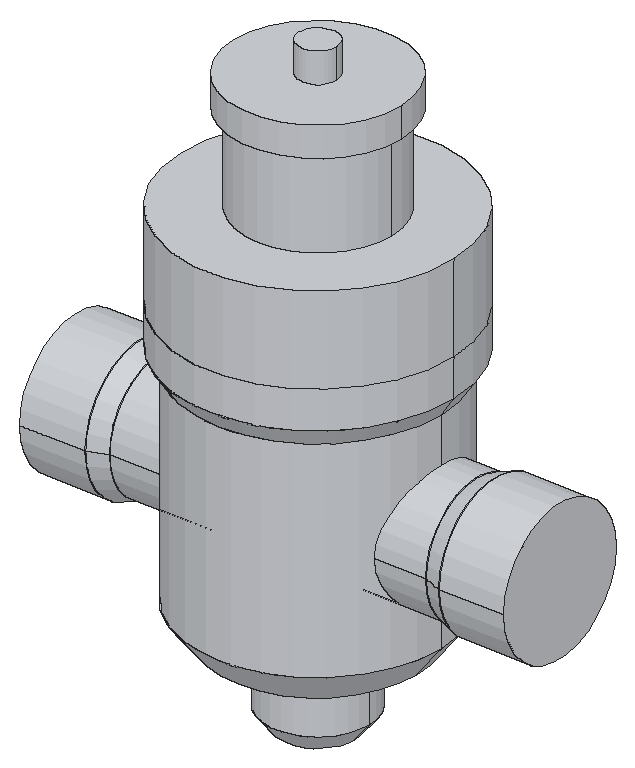
Revit family "VSX13P_DN15_PN16_RFA_2019", category Pipe Accessories, Revit 2019
Family settings
  Round Connector Dimension = Use Diameter
  Part Type = Valve - Breaks Into
  Work Plane-Based = No
  Always vertical = Yes
  Cut with Voids When Loaded = No
  Shared = No
Parameters (values of type "VSX13P G1/2  PN16 kvs1,6")
  magiProductId = ""
  magiProductFamilyId = ""
  magiPartTypeId = 306
  isMeasuringValve [instance] = no
  ang2D [instance] = 0.00°
  Z8 = 4 mm
  Z7__ve = -Z7  # -3.2 mm
  Z7 = 3.2 mm
  Z5 = 9.45 mm
  Z3 = 2 mm
  Z2 = 4.6 mm
  Z1 = 3.45 mm
  X4__ve = -X4  # -7 mm
  X4 = 7 mm
  X3 = 34 mm
  W2D = 15 mm
  VersionID = ""
  Use Minimum Symbol Size [instance] = yes
  URL = "www.hydronix.cz"
  Type Comments = "Závitový, vnější závit, ploché těsnění; LIN charakteristika; PN16; +5~+95°C; max.rychlost proudění 3,0 m/s"
  R9 = 9 mm
  R8 = 2 mm
  R7 = 14.63 mm
  R6 = 10.64 mm
  R5 = 6.703 mm
  R4 = 5.586 mm
  R3 = 3.99 mm
  R2 = 13.3 mm
  R10 = 8 mm
  R1 = 6.75 mm
  QmdConnectorList = "301;D;302;D"
  Productdata [instance] = ""
  Manufacturer = "Hydronix"
  MC Product Code = "VSX13P (G1/2\"; dpmax=250kPa; kvs 1,6)"
  LT2 = 19 mm
  L2D_Min = 3048 mm
  L2D = 38 mm
  H1 = 22.5 mm
  H = 27 mm
  E = 16 mm
  Description = "2 cestný regulační ventil malých spotřebičů, DN15; zdvih 2,5mm; max dp 250kPa; kvs1,6"
  DT2 = 7.5 mm
  D = 15 mm
  CAT0 = yes
  C = 23 mm
Types (8, lengths in mm): name | Z5 | Z2 | Z1 | X3 | R7 | R6 | R5 | R4 | R3 | R2 | R1 | MC Product Code | LT2 | H | Description | DT2 | D | C
  VSX09P G1/2  PN16 kvs0,25 | 9.45 | 4.6 | 3.45 | 34 | 14.63 | 10.64 | 6.703 | 5.586 | 3.99 | 13.3 | 6.75 | "VSX09P (G1/2\"; dpmax=250kPa; kvs 0,25)" | 19 | 27 | "2 cestný regulační ventil malých spotřebičů, DN15; zdvih 2,5mm; max dp 250kPa; kvs0,25" | 7.5 | 15 | 23
  VSX10P G1/2  PN16 kvs0,4 | 9.45 | 4.6 | 3.45 | 34 | 14.63 | 10.64 | 6.703 | 5.586 | 3.99 | 13.3 | 6.75 | "VSX10P (G1/2\"; dpmax=250kPa; kvs 0,4)" | 19 | 27 | "2 cestný regulační ventil malých spotřebičů, DN15; zdvih 2,5mm; max dp 250kPa; kvs0,4" | 7.5 | 15 | 23
  VSX11P G1/2  PN16 kvs0,6 | 9.45 | 4.6 | 3.45 | 34 | 14.63 | 10.64 | 6.703 | 5.586 | 3.99 | 13.3 | 6.75 | "VSX11P (G1/2\"; dpmax=250kPa; kvs 0,6)" | 19 | 27 | "2 cestný regulační ventil malých spotřebičů, DN15; zdvih 2,5mm; max dp 250kPa; kvs0,6" | 7.5 | 15 | 23
  VSX12P G1/2  PN16 kvs1,0 | 9.45 | 4.6 | 3.45 | 34 | 14.63 | 10.64 | 6.703 | 5.586 | 3.99 | 13.3 | 6.75 | "VSX12P (G1/2\"; dpmax=250kPa; kvs 1,0)" | 19 | 27 | "2 cestný regulační ventil malých spotřebičů, DN15; zdvih 2,5mm; max dp 250kPa; kvs1,0" | 7.5 | 15 | 23
  VSX13P G1/2  PN16 kvs1,6 | 9.45 | 4.6 | 3.45 | 34 | 14.63 | 10.64 | 6.703 | 5.586 | 3.99 | 13.3 | 6.75 | "VSX13P (G1/2\"; dpmax=250kPa; kvs 1,6)" | 19 | 27 | "2 cestný regulační ventil malých spotřebičů, DN15; zdvih 2,5mm; max dp 250kPa; kvs1,6" | 7.5 | 15 | 23
  VSX21P G3/4  PN16 kvs2,5 | 9.1 | 4.8 | 3.6 | 38 | 16.17 | 11.76 | 7.409 | 6.174 | 4.41 | 14.7 | 9 | "VSX21P (G3/4\"; dpmax=150kPa; kvs 2,5)" | 21 | 26 | "2 cestný regulační ventil malých spotřebičů, DN20; zdvih 2,5mm; max dp 150kPa; kvs2,5" | 10 | 20 | 24
  VSX24P G3/4  PN16 kvs4,0 | 9.1 | 4.8 | 3.6 | 38 | 16.17 | 11.76 | 7.409 | 6.174 | 4.41 | 14.7 | 9 | "VSX24P (G3/4\"; dpmax=150kPa; kvs 4,0)" | 21 | 26 | "2 cestný regulační ventil malých spotřebičů, DN20; zdvih 2,5mm; max dp 150kPa; kvs4,0" | 10 | 20 | 24
  VSX26P G3/4  PN16 kvs6,0 | 9.1 | 4.8 | 3.6 | 38 | 16.17 | 11.76 | 7.409 | 6.174 | 4.41 | 14.7 | 9 | "VSX26P (G3/4\"; dpmax=150kPa; kvs 6,0)" | 21 | 26 | "2 cestný regulační ventil malých spotřebičů, DN20; zdvih 2,5mm; max dp 150kPa; kvs6,0" | 10 | 20 | 24
Reference planes
  plane 1 "Center (Front/Back)": y = 0
  plane 2 "XYPLANE": z = 0
  plane 3 "Center (Left/Right)": x = 0
  plane 4 "271": z = 36.6
  plane 5 "254": z = 11.55
  plane 6 "253": z = 17.55
  plane 7 "148": z = 39.8
  plane 8 "132": z = 43
  plane 9 "62": z = 13.55
  plane 10 "53": z = 27
  plane 11 "52": z = -10.95
  plane 12 "48": z = -14.4
  plane 13 "47": z = -16.4
  plane 14 "38": z = -21
  plane 15 "37": x = 17
  plane 16 "36": x = 19
  plane 17 "23": z = -23
  plane 18 "19": x = -17
  plane 19 "15": x = -19
  plane 20 "6": x = 26
  plane 21 "5": x = -26
  plane 22 "3": z = 0
  plane 23 "2": y = 0
  plane 24 "1": x = 0
Forms (mm)
  Extrusion 1, solid, visible <- "CAT0"
    sketch origin (-750, 0, 43) x (1, 0, 0) y (0, 1, 0)
      loop
        circle (750, 0) r 2
    from 0 to -3.2 <- "Z7__ve"
  Extrusion 2, solid, visible <- "CAT0"
    sketch origin (-750, 0, 36.6) x (1, 0, 0) y (0, 1, 0)
      loop
        circle (750, 0) r 8
    from 0 to -19
  Extrusion 3, solid, visible <- "CAT0"
    sketch origin (-17, -750, 0) x (0, 1, 0) y (0, 0, 1)
      loop
        circle (750, 0) r 6.75
    from 0 to 34 <- "X3"
  Extrusion 4, solid
    sketch origin (-750, 0, 13.55) x (1, 0, 0) y (0, 1, 0)
      loop
        circle (750, 0) r 14.63
    from 0 to 4 <- "Z8"
  Extrusion 5, solid
    sketch origin (-750, 0, 39.8) x (1, 0, 0) y (0, 1, 0)
      loop
        circle (750, 0) r 9
    from 0 to -3.2 <- "Z7__ve"
  Extrusion 6, solid
    sketch origin (-750, 0, 17.55) x (1, 0, 0) y (0, 1, 0)
      loop
        circle (750, 0) r 14.63
    from 0 to 9.45 <- "Z5"
  Blend 7, solid
    base sketch origin (-750, 0, 11.55) x (1, 0, 0) y (0, 1, 0)
      loop
        circle (750, 0) r 13.3
    top sketch origin (-750, 0, 11.55) x (1, 0, 0) y (0, 1, 0)
      loop
        circle (750, 0) r 14.63
    from 0 to 2
  Blend 8, solid
    base sketch origin (-750, 0, -10.95) x (1, 0, 0) y (0, 1, 0)
      loop
        circle (750, 0) r 13.3
    top sketch origin (-750, 0, -10.95) x (1, 0, 0) y (0, 1, 0)
      loop
        circle (750, 0) r 10.64
    from 0 to -3.45
  Blend 9, solid
    base sketch origin (-750, 0, -14.4) x (1, 0, 0) y (0, 1, 0)
      loop
        circle (750, 0) r 6.703
    top sketch origin (-750, 0, -14.4) x (1, 0, 0) y (0, 1, 0)
      loop
        circle (750, 0) r 5.586
    from 0 to -2
  Extrusion 10, solid
    sketch origin (-750, 0, -21) x (1, 0, 0) y (0, 1, 0)
      loop
        circle (750, 0) r 5.586
    from 0 to 4.6 <- "Z2"
  Blend 11, solid
    base sketch origin (-750, 0, -23) x (1, 0, 0) y (0, 1, 0)
      loop
        circle (750, 0) r 3.99
    top sketch origin (-750, 0, -23) x (1, 0, 0) y (0, 1, 0)
      loop
        circle (750, 0) r 5.586
    from 0 to 2
  Extrusion 12, solid
    sketch origin (26, -750, 0) x (0, 1, 0) y (0, 0, 1)
      loop
        circle (750, 0) r 7.5
    from 0 to -7 <- "X4__ve"
  Blend 13, solid
    base sketch origin (19, -750, 0) x (0, 1, 0) y (0, 0, 1)
      loop
        circle (750, 0) r 7.5
    top sketch origin (19, -750, 0) x (0, 1, 0) y (0, 0, 1)
      loop
        circle (750, 0) r 6.75
    from 0 to -2
  Extrusion 14, solid
    sketch origin (-750, 0, -10.95) x (1, 0, 0) y (0, 1, 0)
      loop
        circle (750, 0) r 13.3
    from 0 to 22.5 <- "H1"
  Blend 15, solid
    base sketch origin (-19, -750, 0) x (0, 1, 0) y (0, 0, 1)
      loop
        circle (750, 0) r 7.5
    top sketch origin (-19, -750, 0) x (0, 1, 0) y (0, 0, 1)
      loop
        circle (750, 0) r 6.75
    from 0 to 2
  Extrusion 16, solid
    sketch origin (-26, -750, 0) x (0, 1, 0) y (0, 0, 1)
      loop
        circle (750, 0) r 7.5
    from 0 to 7 <- "X4"
  Extrusion 17, solid, not visible
    sketch origin (19, -750, 0) x (0, 1, 0) y (0, 0, 1)
      loop
        circle (750, 0) r 10
    from 0 to -10
  Extrusion 18, solid, not visible
    sketch origin (-19, -750, 0) x (0, 1, 0) y (0, 0, 1)
      loop
        circle (750, 0) r 10
    from 0 to 10
Lines and regions (mm)
  reference lines, not visible
    curve 1: circle (2, 2, 0) r 1 normal (0, 0, 1)
Dimensions and locks
  plane 1 "Center (Front/Back)" to curve 1 = 2 mm
  "Z7": plane 7 "148" to plane 4 "271"
  "Z3": plane 9 "62" to plane 5 "254"
  "Z5": plane 10 "53" to plane 6 "253"
  "Z7": plane 8 "132" to plane 7 "148"
  "E": plane 10 "53" to plane 8 "132"
  "Z8": plane 6 "253" to plane 9 "62"
  "H": plane 2 "XYPLANE" to plane 10 "53"
  "Z1": plane 12 "48" to plane 11 "52"
  "Z3": plane 13 "47" to plane 12 "48"
  "Z2": plane 14 "38" to plane 13 "47"
  "Z3": plane 17 "23" to plane 14 "38"
  locked: plane 16 "36" to plane 15 "37" at 2
  "LT2": plane 3 "Center (Left/Right)" to plane 16 "36"
  "C": plane 2 "XYPLANE" to plane 17 "23"
  locked: plane 19 "15" to plane 18 "19" at 2
  "LT2": plane 3 "Center (Left/Right)" to plane 19 "15"
  "X4": plane 16 "36" to plane 20 "6"
  "X4": plane 19 "15" to plane 21 "5"
  locked: plane 2 "XYPLANE" to plane 22 "3"
  locked: plane 1 "Center (Front/Back)" to plane 23 "2"
  locked: plane 3 "Center (Left/Right)" to plane 24 "1"
  "R8": radius of Extrusion 1 sketch curve
  "R10": radius of Extrusion 2 sketch curve
  "R1": radius of Extrusion 3 sketch curve
  "R7": radius of Extrusion 4 sketch curve
  "R9": radius of Extrusion 5 sketch curve
  "R7": radius of Extrusion 6 sketch curve
  "R7": radius of Blend 7 sketch curve
  "R2": radius of Blend 7 sketch curve
  "R6": radius of Blend 8 sketch curve
  "R2": radius of Blend 8 sketch curve
  "R4": radius of Blend 9 sketch curve
  "R5": radius of Blend 9 sketch curve
  "R4": radius of Extrusion 10 sketch curve
  "R4": radius of Blend 11 sketch curve
  "R3": radius of Blend 11 sketch curve
  "DT2": radius of Extrusion 12 sketch curve
  "R1": radius of Blend 13 sketch curve
  "DT2": radius of Blend 13 sketch curve
  "R2": radius of Extrusion 14 sketch curve
  "R1": radius of Blend 15 sketch curve
  "DT2": radius of Blend 15 sketch curve
  "DT2": radius of Extrusion 16 sketch curve
  aligned and locked: level to plane 2 "XYPLANE"
  aligned and locked: plane 23 "2" to Extrusion 1 sketch curve
  aligned and locked: plane 24 "1" to Extrusion 1 sketch curve
  aligned and locked: plane 23 "2" to Extrusion 2 sketch curve
  aligned and locked: plane 24 "1" to Extrusion 2 sketch curve
  aligned and locked: plane 22 "3" to Extrusion 3 sketch curve
  aligned and locked: Extrusion 3 sketch curve to plane 23 "2"
  aligned and locked: plane 23 "2" to Extrusion 4 sketch curve
  aligned and locked: plane 24 "1" to Extrusion 4 sketch curve
  aligned and locked: plane 23 "2" to Extrusion 5 sketch curve
  aligned and locked: plane 24 "1" to Extrusion 5 sketch curve
  aligned and locked: plane 23 "2" to Extrusion 6 sketch curve
  aligned and locked: plane 24 "1" to Extrusion 6 sketch curve
  aligned and locked: plane 23 "2" to Blend 7 sketch curve  (x2)
  aligned and locked: plane 24 "1" to Blend 7 sketch curve  (x2)
  aligned and locked: plane 9 "62" to Blend 7
  aligned and locked: plane 23 "2" to Blend 8 sketch curve  (x2)
  aligned and locked: plane 24 "1" to Blend 8 sketch curve  (x2)
  aligned and locked: Blend 8 to plane 12 "48"
  aligned and locked: plane 23 "2" to Blend 9 sketch curve  (x2)
  aligned and locked: plane 24 "1" to Blend 9 sketch curve  (x2)
  aligned and locked: Blend 9 to plane 13 "47"
  aligned and locked: plane 23 "2" to Extrusion 10 sketch curve
  aligned and locked: plane 24 "1" to Extrusion 10 sketch curve
  aligned and locked: plane 23 "2" to Blend 11 sketch curve  (x2)
  aligned and locked: plane 24 "1" to Blend 11 sketch curve  (x2)
  aligned and locked: plane 14 "38" to Blend 11
  aligned and locked: plane 22 "3" to Extrusion 12 sketch curve
  aligned and locked: Extrusion 12 sketch curve to plane 23 "2"
  aligned and locked: plane 22 "3" to Blend 13 sketch curve  (x2)
  aligned and locked: Blend 13 sketch curve to plane 23 "2"  (x2)
  aligned and locked: Blend 13 to plane 15 "37"
  aligned and locked: plane 23 "2" to Extrusion 14 sketch curve
  aligned and locked: plane 24 "1" to Extrusion 14 sketch curve
  aligned and locked: plane 22 "3" to Blend 15 sketch curve  (x2)
  aligned and locked: Blend 15 sketch curve to plane 23 "2"  (x2)
  aligned and locked: plane 18 "19" to Blend 15
  aligned and locked: plane 22 "3" to Extrusion 16 sketch curve
  aligned and locked: Extrusion 16 sketch curve to plane 23 "2"
  aligned and locked: plane 22 "3" to Extrusion 17 sketch curve
  aligned and locked: Extrusion 17 sketch curve to plane 23 "2"
  aligned and locked: plane 22 "3" to Extrusion 18 sketch curve
  aligned and locked: Extrusion 18 sketch curve to plane 23 "2"
Automatic sketch dimensions
  plane 1 "Center (Front/Back)" to Extrusion 17 sketch curve = 10 mm
  plane 1 "Center (Front/Back)" to Extrusion 18 sketch curve = 10 mm
  plane 3 "Center (Left/Right)" to curve 1 = 2 mm
  radius of curve 1 = 1 mm
Connectors
  piping at (-19, 0, 0), diameter 15, driven by "D"
    settings: on Extrusion 18, index 1, connector inside diameter 609.6 mm, connector length 0 mm, flow factor 0, pipe flow 0.0 L/s, pressure drop 0.0 Pa, fitting loss kfactor 0, connector angle 0.00°, fixture units 0, engagement length 0 mm, angle of deflection 0.00°, flow configuration 0, flow direction 0, fitting loss method 0, system type 29, joint type 0, gender type 0, connector reference index 2, connector utility 0, adjustable connector no, is connector primary yes, connector description ""
  piping at (19, 0, 0), diameter 15, driven by "D"
    settings: on Extrusion 17, index 2, connector inside diameter 609.6 mm, connector length 0 mm, flow factor 0, pipe flow 0.0 L/s, pressure drop 0.0 Pa, fitting loss kfactor 0, connector angle 0.00°, fixture units 0, engagement length 0 mm, angle of deflection 0.00°, flow configuration 0, flow direction 0, fitting loss method 0, system type 29, joint type 0, gender type 0, connector reference index 1, connector utility 0, adjustable connector no, is connector primary no, connector description ""
